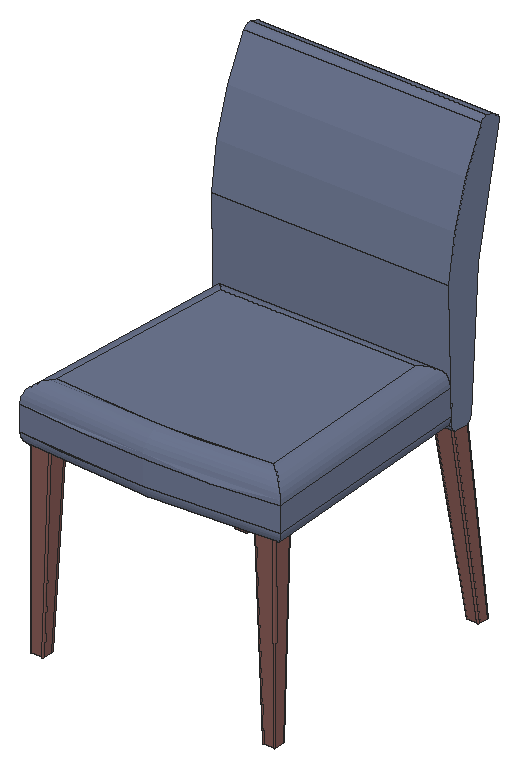
Revit family "FU_Chair_Sandler_Palm Beach 1-2", category Furniture, Revit 2020
Family settings
  OmniClass Number = 23.40.20.00
  OmniClass Title = General Furniture and Specialties
  Work Plane-Based = No
  Always vertical = Yes
  Cut with Voids When Loaded = No
  Shared = No
  Room Calculation Point = No
Parameters (values of type "Palm Beach 1.2")
  Width = 510 mm
  URL = "https://www.sandlerseating.com/product/palm-beach-1-2/"
  Seat = Leather - Sandler 145
  Model = "Palm Beach 1.2"
  Manufacturer = "Sandler"
  Height = 885 mm
  Frame = Wood - Beech - Mahogany
  Description = "Side chair with solid beech frame and upholstered back with square button pattern."
  Depth = 585 mm
  Default Elevation = 0 mm
Reference planes
  plane 1 "Center (Front/Back)": y = 0
  plane 2: z = 0
  plane 3 "Center (Left/Right)": x = 0
  plane 4 "Right": x = -255
  plane 5 "Left": x = 255
  plane 6 "Back": y = 292.5
  plane 7 "Front": y = -292.5
  plane 8 "Height": z = 885
  plane 9 "Seat height": z = 480
Forms (mm)
  Blend 1, solid, material "Wood - Beech - Mahogany" <- "Frame"
    base sketch origin (0, 0, 0) x (1, 0, 0) y (0, 1, 0)
      loop
        arc (-239.039, -246.244) -> (-241.161, -247.123) -> (-242.039, -249.244) r 3
        line (-242.039, -249.244) -> (-242.039, -268.245)
        arc (-242.039, -268.245) -> (-241.161, -270.366) -> (-239.041, -271.244) r 2.999
        line (-239.041, -271.244) -> (-219.039, -271.244)
        arc (-219.039, -271.244) -> (-216.918, -270.365) -> (-216.039, -268.244) r 3
        line (-216.039, -268.244) -> (-216.039, -249.244)
        arc (-216.039, -249.244) -> (-216.918, -247.123) -> (-219.039, -246.244) r 3
        line (-219.039, -246.244) -> (-239.039, -246.244)
    top sketch origin (0, 0, 0) x (1, 0, 0) y (0, 1, 0)
      loop
        line (-238.583, -271.244) -> (-204.695, -271.244)
        arc (-204.695, -271.244) -> (-202.22, -270.219) -> (-201.195, -267.744) r 3.5
        line (-201.195, -267.744) -> (-201.195, -235.31)
        arc (-201.195, -235.31) -> (-202.22, -232.835) -> (-204.695, -231.81) r 3.5
        line (-204.695, -231.81) -> (-238.539, -231.81)
        arc (-238.539, -231.81) -> (-241.014, -232.835) -> (-242.039, -235.31) r 3.5
        line (-242.039, -235.31) -> (-242.039, -267.788)
        arc (-242.039, -267.788) -> (-241.027, -270.232) -> (-238.583, -271.244) r 3.456
    from 0 to 369.527
  Blend 2, solid, material "Wood - Beech - Mahogany" <- "Frame"
    base sketch origin (0, 0, 0) x (-1, 0, 0) y (0, -1, 0)
      loop
        line (-239.039, 246.244) -> (-219.039, 246.244)
        arc (-219.039, 246.244) -> (-216.918, 247.123) -> (-216.039, 249.244) r 3
        line (-216.039, 249.244) -> (-216.039, 268.244)
        arc (-216.039, 268.244) -> (-216.918, 270.365) -> (-219.039, 271.244) r 3
        line (-219.039, 271.244) -> (-239.041, 271.244)
        arc (-239.041, 271.244) -> (-241.161, 270.366) -> (-242.039, 268.245) r 2.999
        line (-242.039, 268.245) -> (-242.039, 249.244)
        arc (-242.039, 249.244) -> (-241.161, 247.123) -> (-239.039, 246.244) r 3
    top sketch origin (0, 0, 0) x (-1, 0, 0) y (0, -1, 0)
      loop
        arc (-238.583, 271.244) -> (-241.027, 270.232) -> (-242.039, 267.788) r 3.456
        line (-242.039, 267.788) -> (-242.039, 235.31)
        arc (-242.039, 235.31) -> (-241.014, 232.835) -> (-238.539, 231.81) r 3.5
        line (-238.539, 231.81) -> (-204.695, 231.81)
        arc (-204.695, 231.81) -> (-202.22, 232.835) -> (-201.195, 235.31) r 3.5
        line (-201.195, 235.31) -> (-201.195, 267.744)
        arc (-201.195, 267.744) -> (-202.22, 270.219) -> (-204.695, 271.244) r 3.5
        line (-204.695, 271.244) -> (-238.583, 271.244)
    from 0 to 369.527
  Blend 3, solid, material "Wood - Beech - Mahogany" <- "Frame"
    base sketch origin (0, 0, 0) x (1, 0, 0) y (0, 1, 0)
      loop
        line (-239.039, 232.435) -> (-219.039, 232.435)
        arc (-219.039, 232.435) -> (-216.918, 233.314) -> (-216.039, 235.435) r 3
        line (-216.039, 235.435) -> (-216.039, 254.435)
        arc (-216.039, 254.435) -> (-216.918, 256.556) -> (-219.039, 257.435) r 3
        line (-219.039, 257.435) -> (-239.041, 257.435)
        arc (-239.041, 257.435) -> (-241.161, 256.557) -> (-242.039, 254.436) r 2.999
        line (-242.039, 254.436) -> (-242.039, 235.435)
        arc (-242.039, 235.435) -> (-241.161, 233.314) -> (-239.039, 232.435) r 3
    top sketch origin (0, 0, 0) x (1, 0, 0) y (0, 1, 0)
      loop
        arc (-228.583, 218.662) -> (-231.027, 217.65) -> (-232.039, 215.206) r 3.456
        line (-232.039, 215.206) -> (-232.039, 182.728)
        arc (-232.039, 182.728) -> (-231.014, 180.253) -> (-228.539, 179.228) r 3.5
        line (-228.539, 179.228) -> (-194.695, 179.228)
        arc (-194.695, 179.228) -> (-192.22, 180.253) -> (-191.195, 182.728) r 3.5
        line (-191.195, 182.728) -> (-191.195, 215.162)
        arc (-191.195, 215.162) -> (-192.22, 217.637) -> (-194.695, 218.662) r 3.5
        line (-194.695, 218.662) -> (-228.583, 218.662)
    from 0 to 369.527
  Extrusion 4, solid, material "Leather - Sandler 145" <- "Seat"
    sketch origin (0, 0, 480) x (-1, 0, 0) y (0, -1, 0)
      loop
        arc (199.099, 226.98) -> (0, 237.486) -> (-199.099, 226.981) r 1891.787
        line (-199.099, 226.981) -> (-179.099, -125.078) -> (179.099, -125.078) -> (199.099, 226.98)
    from 0 to -120
  Sweep 5, solid, material "Leather - Sandler 145" <- "Seat"
    path origin (0, 0, 0) x (1, 0, 0) y (0, 0, 1)
      loop
        line (-234.74, 369.527) -> (234.467, 369.527)
    profile origin (-0.136, 0, 369.527) x (0, 0, 1) y (0, -1, 0)
      loop
        arc (0.489, -221.006) -> (132.845, -224.214) -> (264.354, -239.502) r 1447.58
        arc (264.354, -239.502) -> (379.859, -261.759) -> (493.885, -290.648) r 2036.309
        arc (493.885, -290.648) -> (500.474, -290.575) -> (505.959, -286.924) r 11.596
        arc (505.959, -286.924) -> (512.368, -276.534) -> (515.589, -264.759) r 42.883
        arc (515.589, -264.759) -> (514.048, -255.465) -> (507.686, -248.517) r 16.555
        arc (507.686, -248.517) -> (385.54, -193.445) -> (253.933, -168.3) r 572.001
        arc (253.933, -168.3) -> (127.644, -165.438) -> (1.676, -174.88) r 1296.432
        arc (1.676, -174.88) -> (-6.468, -179.175) -> (-9.726, -187.786) r 13.005
        line (-9.726, -187.786) -> (-9.726, -211.008)
        arc (-9.726, -211.008) -> (-6.721, -218.155) -> (0.489, -221.006) r 10
  Sweep 6, solid, material "Leather - Sandler 145" <- "Seat"
    path in 3D
      loop
        line (179.099, 125.078, 480) -> (-179.099, 125.078, 480) -> (-199.099, -226.98, 480)
        arc (-199.099, -226.98, 480) -> (0, -237.486, 480) -> (199.099, -226.981, 480) r 1891.787
        line (199.099, -226.981, 480) -> (179.099, 125.078, 480)
    profile "Pro_Palm_Seat : Pro_Palm_Seat" origin (189.099, -50.951, 480) x (-0.99839, -0.056717, 0) y (0, 0, 1)
      loop
        line (0, 0) -> (-14, 0)
        arc (-14, 0) -> (-43.698, -12.302) -> (-56, -42) r 42
        line (-56, -42) -> (-56, -92)
        arc (-56, -92) -> (-47.799, -111.799) -> (-28, -120) r 28
        line (-28, -120) -> (0, -120) -> (0, 0)
  Blend 7, solid, material "Wood - Beech - Mahogany" <- "Frame"
    base sketch origin (0, 0, 0) x (-1, 0, 0) y (0, -1, 0)
      loop
        arc (-239.039, -232.435) -> (-241.161, -233.314) -> (-242.039, -235.435) r 3
        line (-242.039, -235.435) -> (-242.039, -254.436)
        arc (-242.039, -254.436) -> (-241.161, -256.557) -> (-239.041, -257.435) r 2.999
        line (-239.041, -257.435) -> (-219.039, -257.435)
        arc (-219.039, -257.435) -> (-216.918, -256.556) -> (-216.039, -254.435) r 3
        line (-216.039, -254.435) -> (-216.039, -235.435)
        arc (-216.039, -235.435) -> (-216.918, -233.314) -> (-219.039, -232.435) r 3
        line (-219.039, -232.435) -> (-239.039, -232.435)
    top sketch origin (0, 0, 0) x (-1, 0, 0) y (0, -1, 0)
      loop
        line (-228.583, -218.662) -> (-194.695, -218.662)
        arc (-194.695, -218.662) -> (-192.22, -217.637) -> (-191.195, -215.162) r 3.5
        line (-191.195, -215.162) -> (-191.195, -182.728)
        arc (-191.195, -182.728) -> (-192.22, -180.253) -> (-194.695, -179.228) r 3.5
        line (-194.695, -179.228) -> (-228.539, -179.228)
        arc (-228.539, -179.228) -> (-231.014, -180.253) -> (-232.039, -182.728) r 3.5
        line (-232.039, -182.728) -> (-232.039, -215.206)
        arc (-232.039, -215.206) -> (-231.027, -217.65) -> (-228.583, -218.662) r 3.456
    from 0 to 369.527
Cuts and joins
  joined: Extrusion 4, Sweep 6
Lines and regions (mm)
  sketch lines
    curve 1: line (199.099, -226.981, 480) -> (179.099, 125.078, 480)
    curve 2: line (179.099, 125.078, 480) -> (-179.099, 125.078, 480)
    curve 3: line (-179.099, 125.078, 480) -> (-199.099, -226.98, 480)
    curve 4: arc (199.099, -226.981, 480) -> (0, -237.486, 480) -> (-199.099, -226.98, 480) r 1891.787
Dimensions and locks
  equal spacing: plane 4 "Right", plane 3 "Center (Left/Right)", plane 5 "Left"
  "Width": plane 4 "Right" to plane 5 "Left"
  equal spacing: plane 6 "Back", plane 1 "Center (Front/Back)", plane 7 "Front"
  "Depth": plane 6 "Back" to plane 7 "Front"
  "Height": plane 8 "Height" to level
  plane 9 "Seat height" to level = 480 mm
  aligned and locked: level to plane 2
Automatic sketch dimensions
  Blend 1 sketch curve to plane 4 "Right" = 12.961 mm  (x2)
  Blend 1 sketch curve to Blend 1 sketch curve = 2.999 mm
  Blend 1 sketch curve to Blend 1 sketch curve = 3 mm  (x2)
  Blend 1 sketch curve to Blend 1 sketch curve = 20 mm
  Blend 1 sketch curve to Blend 1 sketch curve = 0 mm  (x2)
  plane 7 "Front" to Blend 1 sketch curve = 21.256 mm  (x2)
  Blend 1 sketch curve to Blend 1 sketch curve = 19.001 mm
  Blend 1 sketch curve to Blend 1 sketch curve = 3.456 mm
  Blend 1 sketch curve to Blend 1 sketch curve = 3.5 mm  (x2)
  Blend 1 sketch curve to Blend 1 sketch curve = 33.888 mm
  Blend 1 sketch curve to Blend 1 sketch curve = 32.434 mm
  Blend 2 sketch curve to plane 5 "Left" = 12.961 mm  (x2)
  Blend 2 sketch curve to Blend 2 sketch curve = 2.999 mm
  Blend 2 sketch curve to Blend 2 sketch curve = 3 mm  (x2)
  Blend 2 sketch curve to Blend 2 sketch curve = 20 mm
  Blend 2 sketch curve to Blend 2 sketch curve = 0 mm  (x2)
  Blend 2 sketch curve to plane 7 "Front" = 21.256 mm  (x2)
  Blend 2 sketch curve to Blend 2 sketch curve = 19.001 mm
  Blend 2 sketch curve to Blend 2 sketch curve = 3.456 mm
  Blend 2 sketch curve to Blend 2 sketch curve = 3.5 mm  (x2)
  Blend 2 sketch curve to Blend 2 sketch curve = 33.888 mm
  Blend 2 sketch curve to Blend 2 sketch curve = 32.434 mm
  plane 4 "Right" to Blend 3 sketch curve = 12.961 mm
  Blend 3 sketch curve to Blend 3 sketch curve = 2.999 mm
  Blend 3 sketch curve to Blend 3 sketch curve = 3 mm  (x2)
  Blend 3 sketch curve to Blend 3 sketch curve = 20 mm
  Blend 3 sketch curve to Blend 3 sketch curve = 0 mm  (x2)
  plane 6 "Back" to Blend 3 sketch curve = 35.065 mm
  Blend 3 sketch curve to Blend 3 sketch curve = 19.001 mm
  plane 4 "Right" to Blend 3 sketch curve = 22.961 mm
  Blend 3 sketch curve to Blend 3 sketch curve = 3.456 mm
  Blend 3 sketch curve to Blend 3 sketch curve = 3.5 mm  (x2)
  Blend 3 sketch curve to Blend 3 sketch curve = 33.888 mm
  plane 6 "Back" to Blend 3 sketch curve = 73.838 mm
  Blend 3 sketch curve to Blend 3 sketch curve = 32.434 mm
  plane 5 "Left" to Extrusion 4 sketch curve = 55.901 mm
  plane 5 "Left" to Extrusion 4 sketch curve = 75.901 mm
  plane 3 "Center (Left/Right)" to Extrusion 4 sketch curve = 0.005 mm
  Extrusion 4 sketch curve to plane 4 "Right" = 75.901 mm
  Extrusion 4 sketch curve to plane 4 "Right" = 55.901 mm
  plane 6 "Back" to Extrusion 4 sketch curve = 1361.8 mm
  Extrusion 4 sketch curve to plane 1 "Center (Front/Back)" = 125.078 mm
  plane 7 "Front" to Extrusion 4 sketch curve = 65.52 mm
  Sweep 5 sketch curve to plane 4 "Right" = 20.26 mm
  plane 5 "Left" to Sweep 5 sketch curve = 20.533 mm
  Sweep 5 sketch curve to plane 9 "Seat height" = 110.473 mm
  profile plane to Sweep 5 sketch curve = 63.029 mm
  profile plane to Sweep 5 sketch curve = 9.726 mm
  Sweep 5 sketch curve to profile plane = 0.274 mm
  Sweep 5 sketch curve to profile plane = 3.279 mm
  Sweep 5 sketch curve to profile plane = 31.623 mm
  Sweep 5 sketch curve to profile plane = 161.449 mm
  Sweep 5 sketch curve to profile plane = 213.128 mm
  Sweep 5 sketch curve to plane 1 "Center (Front/Back)" = 259.447 mm
  Sweep 5 sketch curve to profile plane = 473.036 mm
  Sweep 5 sketch curve to Sweep 5 sketch curve = 24.02 mm
  Sweep 5 sketch curve to Sweep 5 sketch curve = 2.105 mm
  Sweep 5 sketch curve to Sweep 5 sketch curve = 3.261 mm
  Sweep 5 sketch curve to Sweep 5 sketch curve = 16.786 mm
  Sweep 5 sketch curve to Sweep 5 sketch curve = 459.349 mm
  Sweep 5 sketch curve to Sweep 5 sketch curve = 722.585 mm
  Sweep 5 sketch curve to Sweep 5 sketch curve = 206.822 mm
  Sweep 5 sketch curve to Sweep 5 sketch curve = 581.071 mm
  Sweep 5 sketch curve to plane 1 "Center (Front/Back)" = 211.008 mm
  Sweep 5 sketch curve to Sweep 5 sketch curve = 23.222 mm
  Sweep 5 sketch curve to Sweep 5 sketch curve = 0 mm  (x7)
  plane 5 "Left" to Blend 7 sketch curve = 12.961 mm
  Blend 7 sketch curve to Blend 7 sketch curve = 2.999 mm
  Blend 7 sketch curve to Blend 7 sketch curve = 3 mm  (x2)
  Blend 7 sketch curve to Blend 7 sketch curve = 20 mm
  Blend 7 sketch curve to Blend 7 sketch curve = 0 mm  (x2)
  Blend 7 sketch curve to plane 6 "Back" = 35.065 mm
  Blend 7 sketch curve to Blend 7 sketch curve = 19.001 mm
  plane 5 "Left" to Blend 7 sketch curve = 22.961 mm
  Blend 7 sketch curve to Blend 7 sketch curve = 3.456 mm
  Blend 7 sketch curve to Blend 7 sketch curve = 3.5 mm  (x2)
  Blend 7 sketch curve to Blend 7 sketch curve = 33.888 mm
  Blend 7 sketch curve to plane 6 "Back" = 73.838 mm
  Blend 7 sketch curve to Blend 7 sketch curve = 32.434 mm
